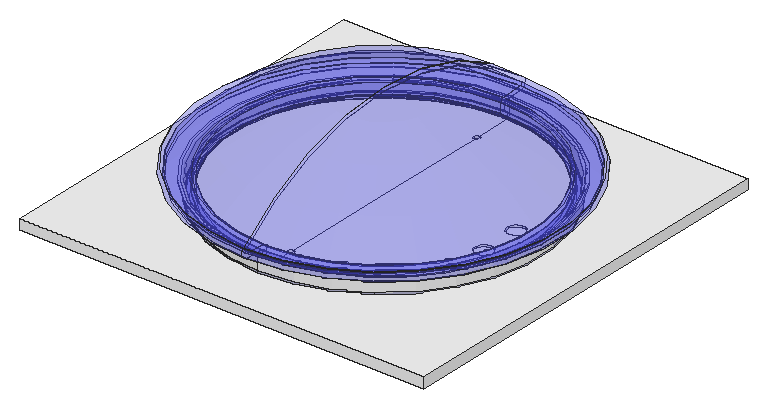
Revit family "BE_12138P_de_DE", category Leuchten, Revit 2020
Family settings
  Basisbauteil = Fläche
  Bemaßung runder Anschluss = Durchmesser verwenden
  Teiletyp = Normal
  Beim Laden mit Abzugskörper schneiden = Ja
  Lichtquelle = Ja
  Gemeinsam genutzt = Nein
  Raumberechnungspunkt = Ja
Parameters (values of type "BEGA_12138P_K3")
  built-in parameter 1150104 = 11.706 (stored number, unit not read)
  Wattage = 0 W
  Default Elevation = 0 mm
  built-in parameter 1150113 = 1 (stored number, unit not read)
  built-in parameter 1114218 = 1 (stored number, unit not read)
  Umgebungstemperatur = "25 °C"
  URL = "http://www.bega.de/de/produkt/12138P"
  Typenkommentare = "© 2022 BEGA. Wir behalten uns das Recht vor, technische Änderungen ohne vorherige Ankündigung vorzunehmen."  # constant formula
  built-in parameter 1150134 = 12
  built-in parameter 1150109 = 1 (stored number, unit not read)
  Strom = ""
  built-in parameter 1150110 = 1 (stored number, unit not read)
  Spannung = 239.996 V
  Sonderanfertigung = no
  Seriennummer [instance] = "Hier können Sie die eindeutige Seriennummer für das Facility Management eintragen."
  Schutzklasse = "I"
  Schutzart = "IP 20"
  Scheinlast = 0 VA
  Produktdatenblatt = "http://www.bega.de/download/Xrfa/db/12138P.db.de.pdf"
  Oberflächentemperatur = ""
  Neigungswinkel = 0.00°
  Model = "12138PK4"
  Material_17 = BEGA_Reflektor
  Material_15 = BEGA_Leuchtmedium_matt
  Material_14 = BEGA_Kunststoff_opal
  Material_11 = BEGA_Glas_opal
  Material_09 = BEGA_Glas_klar
  Material_06 = BEGA_Oberfläche_Edelstahl_gebürstet
  Material_03 = BEGA_Oberfläche_Weiss_matt
  Material_02 = BEGA_Oberfläche_Silber_matt
  Material_01 [instance] = BEGA_Oberfläche_Grafit_matt
  M_W = no
  M_G = no
  M_A = no
  Logo = 0
  built-in parameter 1114217 = 1 (stored number, unit not read)
  built-in parameter 1150139 = (empty or 0)
  built-in parameter 1150105 = (empty or 0)
  built-in parameter 1150114 = 1 (stored number, unit not read)
  Lumens = 0 lm
  built-in parameter 1150115 = 1 (stored number, unit not read)
  Leuchtenlichtstrom = "1651 lm"
  Leuchtenanzahl = ""
  Lebensdauerkriterien = "L70B50 @ 25 °C = 210000 h"
  Lastklassifizierung = Beleuchtung
  built-in parameter 1150112 = 1 (stored number, unit not read)
  Lampenlichtstrom = "2110 lm"
  Lamp = "LED 16.8 W"
  LED_Modulbezeichnung = "LED-0511/930"
  Hersteller = "BEGA"  # constant formula
  Halbstreuwinkel = ""
  Gewicht = "2.5 kg"
  Gebrauchslageneinschränkung [instance] = ""
  Frequenz = "0/50-60 Hz"
  Farbwiedergabeindex = "CRI > 90"
  Farbtemperaturverschiebung bei Dämpfen der Lampe = <Keine Auswahl>
  Farbtemperatur = "4000 K"
  Color Filter = 16777215
  built-in parameter 1150133 = 10 (stored number, unit not read)
  Energieeffizienzklasse = "LED A++ - A"
  built-in parameter 1150137 = (empty or 0)
  built-in parameter 1150132 = (empty or 0)
  ENEC = "ja"
  Dimmbar [instance] = ""
  Photometric Web File = "BE_12138PK4.IES"
  CE_Konformität = "ja"
  Bestellnummer = "12138PK4"
  Beschreibung_Sonderanfertigung = "Hier können Sie Informationen zur Sonderanfertigung eintragen."
  Beschreibung = "Decken- und Wandleuchte"
  built-in parameter 1150106 = (empty or 0)
  Befestigungsbohrung = "Ø 5,5 mm"
  Befestigungsabstand = "230 mm"
  Ballwurfsicher = ""
  BEGA_Intern_aus = yes
  BEGA_Intern_an = yes
  BEGA_Intern_Konstruktion = yes
  BEGA_Intern = yes
  BEGA_IES = yes
  BEGA_Dummy = no
  Anschlussleitung = ""
  Anschlussleistung [instance] = "20 W"
  Anschlusskasten = ""
  built-in parameter 1150107 = 4000 (stored number, unit not read)
  built-in parameter 1150102 = (empty or 0)
  built-in parameter 1150138 = (empty or 0)
  Aktualisierung = "2019-11-20T04:00:14"
  Abstand_zur_angestrahlten_Fläche [instance] = ""
  AC/DC = "AC/DC"
Types (2, lengths in mm): name | built-in parameter 1150134 | Model | Leuchtenlichtstrom | Lampenlichtstrom | LED_Modulbezeichnung | Farbtemperatur | Photometric Web File | Bestellnummer | built-in parameter 1150107
  BEGA_12138P_K3 | (empty or 0) | "12138PK3" | "1890 lm" | "2415 lm" | "LED-0511/930" | "3000 K" | "BE_12138PK3.IES" | "12138PK3" | 3000 (stored number, unit not read)
  BEGA_12138P_K27 | 12 | "12138PK27" | "1827 lm" | "2335 lm" | "LED-0511/927" | "2700 K" | "BE_12138PK27.IES" | "12138PK27" | 4000 (stored number, unit not read)
Reference planes
  plane 1 "Mitte (Vorne/Hinten)": y = 0
  plane 2: z = 0
  plane 3 "Mitte (Links/Rechts)": x = 0
  plane 4 "Links": x = -175.2
  plane 5 "Rechts": x = 175.2
  plane 6 "Unten": y = -175.231
  plane 7 "Oben": y = 175.231
  plane 8 "Vorne": z = 98.4
  plane 9 "Hinten": z = 0
Forms (mm)
  Extrusion 1, solid, material "BEGA_Platte_Weiss"
    sketch origin (0, -1119.2, 0) x (1, 0, 0) y (0, 1, 0)
      loop
        line (-200, 1319.2) -> (-200, 919.2) -> (200, 919.2) -> (200, 1319.2) -> (-200, 1319.2)
    from 0 to -10
  Extrusion 2, solid, material "BEGA_Dummy_matt", visible <- "BEGA_Dummy"
    sketch origin (77.149, -76.023, 0) x (1, 0, 0) y (0, 1, 0)
      loop
        circle (-77.149, 76.023) r 175
    from 0 to 98.4
Dimensions and locks
  plane 1 "Mitte (Vorne/Hinten)" to Extrusion 1 = 200 mm
  aligned and locked: plane 2 to Extrusion 1
  aligned and locked: level to Extrusion 1
Nested families
  nested 1: "BE_12138P" at (0, 0, 0), type "BE_12138P"
Connectors
  electrical at (0, 0, 0), driven by "Lastklassifizierung", driven by "Spannung", driven by "Scheinlast"
    settings: index 1, voltage 239.996 V, apparent load 0 VA, apparent load phase1 0 VA, apparent load phase2 0 VA, apparent load phase3 0 VA, power factor 1, load classification "Beleuchtung", number of poles 1, system type 31, power factor state 1, is connector primary yes, connector utility no, sub classification motor no, connector description ""
Definition of nested family "BE_12138P"
  Parameters (values of type "BE_12138P")
    Default Elevation = 1 mm
    URL = "http://www.bega.de/de/produkt"
    Type Comments = "© 2015 BEGA. Wir behalten uns das Recht vor, technische Änderungen ohne vorherige Ankündigung vorzunehmen. "  # constant formula
    Type Image = (empty or 0)
    Neigungswinkel_um_Z2 = 0.00°
    Neigungswinkel_um_Z1 = 0.00°
    Neigungswinkel_um_Y2 = 0.00°
    Neigungswinkel_um_Y1 = 0.00°
    Neigungswinkel_um_X2 = 0.00°
    Neigungswinkel_um_X1 = 0.00°
    Material_17 = none
    Material_15 = none
    Material_14 = none
    Material_11 = none
    Material_09 = none
    Material_06 = none
    Material_05 = none
    Material_03 = none
    Material_02 = none
    Material_01 = none
    M_W = yes
    M_G = yes
    M_A = yes
    Länge_Platte = 500 mm  # constant formula
    Höhe_Platte = -10 mm  # constant formula
    Manufacturer = "BEGA"  # constant formula
    Drehwinkel_um_Z2 = 0.00°
    Drehwinkel_um_Z1 = 0.00°
    Breite_Platte = 500 mm  # constant formula
  Reference planes
    plane 1 "Mitte (Oben/Unten)": y = 0
    plane 2: z = 0
    plane 3 "Mitte (Links/Rechts)": x = 0
    plane 4: y = 175.231
    plane 5: z = 98.4
    plane 6: y = -175.231
    plane 7: x = -175.2
    plane 8: x = 175.2
  Forms (mm)
    Extrusion 1, solid, detail levels medium
      sketch origin (0, 0, 0) x (1, 0, 0) y (0, 1, 0)
        loop
          line (-250, 250) -> (-250, -250) -> (250, -250) -> (250, 250) -> (-250, 250)
      from 0 to -10 <- "Höhe_Platte"
    Revolve 2, solid, material <- "Material_03", detail levels medium+fine
      sketch origin (0, 0, 0) x (0, 1, 0) y (0, 0, 1)
        loop
          line (159, 19.8) -> (159, 20.8) -> (156.831, 20.8)
          arc (156.831, 20.8) -> (155.563, 20.284) -> (155.024, 19.025) r 1.8
          line (155.024, 19.025) -> (154.767, 4.283)
          arc (154.767, 4.283) -> (154.468, 3.587) -> (153.767, 3.3) r 1
          line (153.767, 3.3) -> (0, 3.3) -> (0, 2.3) -> (153.767, 2.3)
          arc (153.767, 2.3) -> (155.169, 2.873) -> (155.767, 4.265) r 2
          line (155.767, 4.265) -> (156.024, 19.01)
          arc (156.024, 19.01) -> (156.264, 19.571) -> (156.829, 19.8) r 0.8
          line (156.829, 19.8) -> (159, 19.8)
        axis (0, 2.3) -> (0, 20.8)
      angle from 0 to 360
    Revolve 3, solid, material <- "Material_03", detail levels medium+fine
      sketch origin (0, 0, 0) x (0, 1, 0) y (0, 0, 1)
        loop
          arc (124.13, 1.943) -> (124.474, 2.206) -> (124.896, 2.3) r 1
          line (124.896, 2.3) -> (125.896, 3.3) -> (117.75, 3.3) -> (117.75, 0) -> (121.108, 0)
          arc (121.108, 0) -> (122.369, 0.281) -> (123.395, 1.067) r 3
          line (123.395, 1.067) -> (124.13, 1.943)
        axis (115, 3.3) -> (115, 0)
      angle from 0 to 360
    Revolve 4, solid, material <- "Material_03", detail levels medium+fine
      sketch origin (0, 0, 0) x (0, -1, 0) y (0, 0, 1)
        loop
          arc (124.13, 1.943) -> (124.474, 2.206) -> (124.896, 2.3) r 1
          line (124.896, 2.3) -> (125.896, 3.3) -> (117.75, 3.3) -> (117.75, 0) -> (121.108, 0)
          arc (121.108, 0) -> (122.369, 0.281) -> (123.395, 1.067) r 3
          line (123.395, 1.067) -> (124.13, 1.943)
        axis (115, 3.3) -> (115, 0)
      angle from 0 to 360
    Extrusion 5, void
      sketch origin (0, 0, 0) x (1, 0, 0) y (0, 1, 0)
        loop
          circle (115, 20) r 8.5
        loop
          circle (115, -20) r 8.5
        loop
          circle (0, 115) r 2.75
        loop
          circle (0, -115) r 2.75
      from 1.096 to 7.205
    Revolve 6, solid, material <- "Material_14", detail levels medium+fine
      sketch origin (0, 0, 0) x (0, 1, 0) y (0, 0, 1)
        loop
          line (153.75, 4.9) -> (153.75, 8.389)
          arc (153.75, 8.389) -> (153.616, 8.889) -> (153.25, 9.256) r 1
          line (153.25, 9.256) -> (149.499, 11.421)
          arc (149.499, 11.421) -> (149.133, 11.787) -> (149, 12.287) r 1
          line (149, 12.287) -> (149, 19.451)
          arc (149, 19.451) -> (149.277, 20.142) -> (149.956, 20.45) r 1
          line (149.956, 20.45) -> (169.559, 21.477)
          arc (169.559, 21.477) -> (174.894, 25.484) -> (173.228, 31.944) r 6
          arc (173.228, 31.944) -> (92.769, 81.216) -> (0, 98.4) r 258.999
          line (0, 98.4) -> (0, 94.4)
          arc (0, 94.4) -> (91.33, 77.483) -> (170.543, 28.978) r 255
          arc (170.543, 28.978) -> (171.123, 26.82) -> (169.341, 25.472) r 2
          line (169.341, 25.472) -> (148.791, 24.394)
          arc (148.791, 24.394) -> (146.425, 23.461) -> (145.1, 21.289) r 4
          line (145.1, 21.289) -> (145.1, 11.074)
          arc (145.1, 11.074) -> (145.5, 9.577) -> (146.592, 8.479) r 3.001
          line (146.592, 8.479) -> (148.263, 7.514)
          arc (148.263, 7.514) -> (149.358, 6.407) -> (149.75, 4.9) r 3.002
          line (149.75, 4.9) -> (153.75, 4.9)
        axis (0, 98.4) -> (0, 4.9)
      angle from 0 to 360
  Cuts and joins
    Extrusion 5 cuts Revolve 2
    Extrusion 5 cuts Revolve 3
    Extrusion 5 cuts Revolve 4
    joined: Revolve 2, Revolve 3, Revolve 4
  Dimensions and locks
    equal spacing: Extrusion 1 sketch curve, plane 3 "Mitte (Links/Rechts)", Extrusion 1 sketch curve
    equal spacing: Extrusion 1 sketch curve, plane 1 "Mitte (Oben/Unten)", Extrusion 1 sketch curve
    "Länge_Platte": Extrusion 1 sketch curve to Extrusion 1 sketch curve
    "Breite_Platte": Extrusion 1 sketch curve to Extrusion 1 sketch curve
    aligned and locked: Extrusion 1 to plane 2
    aligned and locked: level to Extrusion 1
  Automatic sketch dimensions
    Revolve 3 sketch curve to level = 0 mm
    level to Revolve 3 sketch curve = 3.3 mm
    Revolve 3 sketch curve to Revolve 3 sketch curve = 3.351 mm
    Revolve 3 sketch curve to Revolve 3 sketch curve = 0.007 mm
    level to Revolve 3 sketch curve = 1.067 mm
    Revolve 3 sketch curve to Revolve 3 sketch curve = 2.287 mm
    level to Revolve 3 sketch curve = 2.3 mm
    Revolve 3 sketch curve to Revolve 3 sketch curve = 1.501 mm
    Revolve 3 sketch curve to Revolve 3 sketch curve = 0 mm  (x2)
    Revolve 3 sketch curve to Revolve 3 sketch curve = 1 mm  (x2)
    Revolve 3 sketch curve to Revolve 3 sketch curve = 2.75 mm
    level to Revolve 3 sketch curve = 1.943 mm
    Revolve 3 sketch curve to Revolve 3 sketch curve = 0.766 mm
    Revolve 3 sketch curve to level = 2.001 mm
    Revolve 3 sketch curve to Revolve 3 sketch curve = 2 mm
    Revolve 4 sketch curve to level = 0 mm
    Revolve 4 sketch curve to level = 3.3 mm
    Revolve 4 sketch curve to Revolve 4 sketch curve = 3.351 mm
    Revolve 4 sketch curve to Revolve 4 sketch curve = 0.007 mm
    Revolve 4 sketch curve to level = 1.067 mm
    Revolve 4 sketch curve to Revolve 4 sketch curve = 2.287 mm
    Revolve 4 sketch curve to level = 2.3 mm
    Revolve 4 sketch curve to Revolve 4 sketch curve = 1.501 mm
    Revolve 4 sketch curve to Revolve 4 sketch curve = 0 mm  (x2)
    Revolve 4 sketch curve to Revolve 4 sketch curve = 1 mm  (x2)
    Revolve 4 sketch curve to Revolve 4 sketch curve = 2.75 mm
    Revolve 4 sketch curve to level = 1.943 mm
    Revolve 4 sketch curve to Revolve 4 sketch curve = 0.766 mm
    level to Revolve 4 sketch curve = 2.001 mm
    Revolve 4 sketch curve to Revolve 4 sketch curve = 2 mm
    Revolve 3 sketch curve to plane 1 "Mitte (Oben/Unten)" = 117.75 mm
    Revolve 4 sketch curve to plane 1 "Mitte (Oben/Unten)" = 117.75 mm
    Revolve 2 sketch curve to Revolve 2 sketch curve = 0 mm  (x11)
    Revolve 2 sketch curve to plane 1 "Mitte (Oben/Unten)" = 0 mm  (x2)
    level to Revolve 2 sketch curve = 4.3 mm
    level to Revolve 2 sketch curve = 4.283 mm
    Revolve 2 sketch curve to Revolve 2 sketch curve = 1 mm  (x4)
    Revolve 2 sketch curve to Revolve 2 sketch curve = 0.257 mm
    Revolve 2 sketch curve to Revolve 2 sketch curve = 0.8 mm
    Revolve 2 sketch curve to Revolve 2 sketch curve = 0.004 mm
    Revolve 2 sketch curve to Revolve 2 sketch curve = 0.002 mm
    Revolve 2 sketch curve to Revolve 2 sketch curve = 2.169 mm
    Revolve 2 sketch curve to Revolve 2 sketch curve = 14.717 mm
    Revolve 2 sketch curve to Revolve 2 sketch curve = 0.01 mm
    Revolve 2 sketch curve to Revolve 2 sketch curve = 0.015 mm
    level to Revolve 2 sketch curve = 4.265 mm
    Revolve 2 sketch curve to Revolve 2 sketch curve = 4 mm
    Revolve 6 sketch curve to Revolve 6 sketch curve = 0 mm  (x13)
    Revolve 6 sketch curve to plane 1 "Mitte (Oben/Unten)" = 0 mm  (x3)
    plane 1 "Mitte (Oben/Unten)" to Revolve 6 sketch curve = 0 mm
    level to Revolve 6 sketch curve = 8.479 mm
    Revolve 6 sketch curve to Revolve 6 sketch curve = 1.492 mm
    Revolve 6 sketch curve to Revolve 6 sketch curve = 0.156 mm
    Revolve 6 sketch curve to Revolve 6 sketch curve = 1.509 mm
    level to Revolve 6 sketch curve = 7.514 mm
    Revolve 6 sketch curve to Revolve 6 sketch curve = 1.671 mm
    Revolve 6 sketch curve to Revolve 6 sketch curve = 3.9 mm
    level to Revolve 6 sketch curve = 11.421 mm
    Revolve 6 sketch curve to Revolve 6 sketch curve = 1.397 mm
    Revolve 6 sketch curve to Revolve 6 sketch curve = 3.001 mm
    Revolve 6 sketch curve to Revolve 6 sketch curve = 0.956 mm
    Revolve 6 sketch curve to Revolve 6 sketch curve = 0.044 mm
    Revolve 6 sketch curve to Revolve 6 sketch curve = 0.501 mm
    Revolve 6 sketch curve to Revolve 6 sketch curve = 3.251 mm
    Revolve 6 sketch curve to Revolve 6 sketch curve = 1 mm
    Revolve 6 sketch curve to Revolve 6 sketch curve = 19.275 mm
    level to Revolve 6 sketch curve = 25.472 mm
    Revolve 6 sketch curve to Revolve 6 sketch curve = 0.11 mm
    level to Revolve 6 sketch curve = 21.477 mm
    Revolve 6 sketch curve to Revolve 6 sketch curve = 0.219 mm
    Revolve 6 sketch curve to Revolve 6 sketch curve = 2.591 mm
    Revolve 6 sketch curve to level = 160.599 mm
    Revolve 6 sketch curve to Revolve 6 sketch curve = 3.489 mm
    Revolve 6 sketch curve to Revolve 6 sketch curve = 0.348 mm
    Revolve 6 sketch curve to Revolve 6 sketch curve = 0.866 mm  (x2)
    Revolve 6 sketch curve to Revolve 6 sketch curve = 7.164 mm
    Revolve 6 sketch curve to Revolve 6 sketch curve = 0.949 mm
    Revolve 6 sketch curve to Revolve 6 sketch curve = 0.05 mm
    Revolve 6 sketch curve to Revolve 6 sketch curve = 0.889 mm
    Revolve 6 sketch curve to Revolve 6 sketch curve = 1.997 mm
    level to Revolve 6 sketch curve = 94.4 mm
    Revolve 6 sketch curve to Revolve 6 sketch curve = 4 mm
    Revolve 6 sketch curve to Revolve 6 sketch curve = 0.209 mm
    Revolve 6 sketch curve to Revolve 6 sketch curve = 0.499 mm
    Revolve 6 sketch curve to Revolve 6 sketch curve = 0.5 mm
    level to Revolve 6 sketch curve = 9.256 mm
    Revolve 6 sketch curve to Revolve 6 sketch curve = 0.07 mm
    Extrusion 5 sketch curve to plane 3 "Mitte (Links/Rechts)" = 0 mm  (x2)
    plane 1 "Mitte (Oben/Unten)" to Extrusion 5 sketch curve = 20 mm
    Extrusion 5 sketch curve to plane 1 "Mitte (Oben/Unten)" = 20 mm
    plane 3 "Mitte (Links/Rechts)" to Extrusion 5 sketch curve = 115 mm
    Extrusion 5 sketch curve to Extrusion 5 sketch curve = 0 mm
    Revolve 2 sketch curve to plane 1 "Mitte (Oben/Unten)" = 153.767 mm
    Extrusion 5 sketch curve to plane 1 "Mitte (Oben/Unten)" = 115 mm
    Revolve 6 sketch curve to plane 1 "Mitte (Oben/Unten)" = 145.1 mm
    plane 1 "Mitte (Oben/Unten)" to Extrusion 5 sketch curve = 115 mm
    Revolve 6 sketch curve to Revolve 6 sketch curve = 26.07 mm
    radius of Extrusion 5 sketch curve = 8.5 mm  (x2)
    radius of Extrusion 5 sketch curve = 2.75 mm  (x2)
